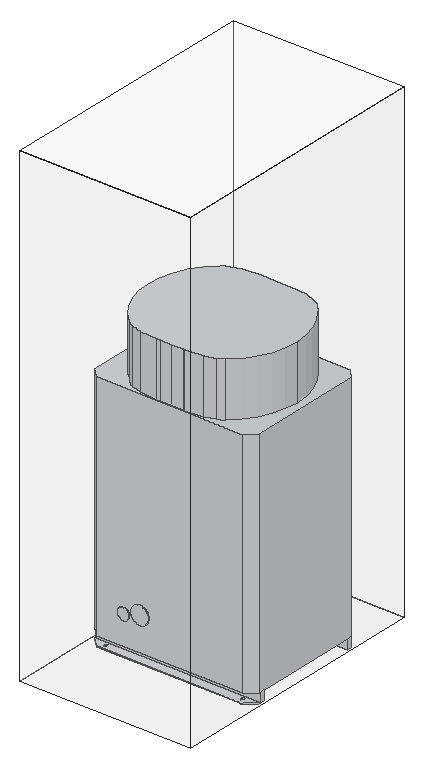
Revit family "室外機（高効率EX50Hz）_MEE修正", category 機械設備, Revit 2019 (continued)
Definition of nested family "筐体モジュール（高効率EX）"
  Lines and regions (mm)
    model lines, visible <- "ユニット234X", not visible, detail levels fine
      curve 238: line (460, -150.779, 818.931) -> (460, -150.779, 1040.048)
      curve 239: line (460, -132.596, 818.931) -> (460, -150.779, 818.931)
      curve 240: line (460, -132.596, 1040.048) -> (460, -132.596, 818.931)
      curve 241: line (460, 178.667, 802.923) -> (460, 297.73, 802.923)
      curve 242: line (460, 178.667, 569.8) -> (460, 178.667, 802.923)
      curve 243: line (460, 297.73, 569.8) -> (460, 178.667, 569.8)
      curve 244: line (460, 297.73, 802.923) -> (460, 297.73, 569.8)
      curve 245: line (460, 47.598, 802.923) -> (460, 166.661, 802.923)
      curve 246: line (460, 47.598, 569.8) -> (460, 47.598, 802.923)
      curve 247: line (460, 166.661, 569.8) -> (460, 47.598, 569.8)
      curve 248: line (460, 166.661, 802.923) -> (460, 166.661, 569.8)
      curve 249: line (460, -83.471, 802.923) -> (460, 35.592, 802.923)
      curve 250: line (460, -83.471, 569.8) -> (460, -83.471, 802.923)
      curve 251: line (460, 35.592, 569.8) -> (460, -83.471, 569.8)
      curve 252: line (460, 35.592, 802.923) -> (460, 35.592, 569.8)
      curve 253: line (460, -150.779, 802.923) -> (460, -95.75, 802.923)
      curve 254: line (460, -150.779, 569.8) -> (460, -150.779, 802.923)
      curve 255: line (460, -95.75, 569.8) -> (460, -150.779, 569.8)
      curve 256: line (460, -95.75, 802.923) -> (460, -95.75, 569.8)
      curve 257: line (460, -150.779, 796.92) -> (460, -132.596, 796.92)
      curve 258: line (460, -150.779, 575.803) -> (460, -150.779, 796.92)
      curve 259: line (460, -132.596, 575.803) -> (460, -150.779, 575.803)
      curve 260: line (460, -132.596, 796.92) -> (460, -132.596, 575.803)
      curve 261: line (460, 178.667, 559.795) -> (460, 297.73, 559.795)
      curve 262: line (460, 178.667, 326.672) -> (460, 178.667, 559.795)
      curve 263: line (460, 297.73, 326.672) -> (460, 178.667, 326.672)
      curve 264: line (460, 297.73, 559.795) -> (460, 297.73, 326.672)
      curve 265: line (460, 47.598, 559.795) -> (460, 166.661, 559.795)
      curve 266: line (460, 47.598, 326.672) -> (460, 47.598, 559.795)
      curve 267: line (460, 166.661, 326.672) -> (460, 47.598, 326.672)
      curve 268: line (460, 166.661, 559.795) -> (460, 166.661, 326.672)
      curve 269: line (460, -83.471, 559.795) -> (460, 35.592, 559.795)
      curve 270: line (460, -83.471, 326.672) -> (460, -83.471, 559.795)
      curve 271: line (460, 35.592, 326.672) -> (460, -83.471, 326.672)
      curve 272: line (460, 35.592, 559.795) -> (460, 35.592, 326.672)
      curve 273: line (460, -150.779, 559.795) -> (460, -95.75, 559.795)
      curve 274: line (460, -150.779, 326.672) -> (460, -150.779, 559.795)
      curve 275: line (460, -95.75, 326.672) -> (460, -150.779, 326.672)
      curve 276: line (460, -95.75, 559.795) -> (460, -95.75, 326.672)
      curve 277: line (460, -150.779, 553.792) -> (460, -132.596, 553.792)
      curve 278: line (460, -150.779, 332.675) -> (460, -150.779, 553.792)
      curve 279: line (460, -132.596, 332.675) -> (460, -150.779, 332.675)
      curve 280: line (460, -132.596, 553.792) -> (460, -132.596, 332.675)
      curve 281: line (460, 178.667, 316.667) -> (460, 297.73, 316.667)
      curve 282: line (460, 178.667, 83.544) -> (460, 178.667, 316.667)
      curve 283: line (460, 297.73, 83.544) -> (460, 178.667, 83.544)
      curve 284: line (460, 297.73, 316.667) -> (460, 297.73, 83.544)
      curve 285: line (460, 47.598, 316.667) -> (460, 166.661, 316.667)
      curve 286: line (460, 47.598, 83.544) -> (460, 47.598, 316.667)
      curve 287: line (460, 166.661, 83.544) -> (460, 47.598, 83.544)
      curve 288: line (460, 166.661, 316.667) -> (460, 166.661, 83.544)
      curve 289: line (460, -83.471, 316.667) -> (460, 35.592, 316.667)
      curve 290: line (460, -83.471, 83.544) -> (460, -83.471, 316.667)
      curve 291: line (460, 35.592, 83.544) -> (460, -83.471, 83.544)
      curve 292: line (460, 35.592, 316.667) -> (460, 35.592, 83.544)
      curve 293: line (460, -150.779, 316.667) -> (460, -95.75, 316.667)
      curve 294: line (460, -150.779, 83.544) -> (460, -150.779, 316.667)
      curve 295: line (460, -95.75, 83.544) -> (460, -150.779, 83.544)
      curve 296: line (460, -95.75, 316.667) -> (460, -95.75, 83.544)
      curve 297: line (460, -150.779, 310.664) -> (460, -132.596, 310.664)
      curve 298: line (460, -150.779, 89.547) -> (460, -150.779, 310.664)
      curve 299: line (460, -132.596, 89.547) -> (460, -150.779, 89.547)
      curve 300: line (460, -132.596, 310.664) -> (460, -132.596, 89.547)
    symbolic lines, visible <- "ユニット234X"
      curve 301: line (-408.343, 370, 0) -> (-460, 318.843, 0)
      curve 302: line (-460, 318.843, 0) -> (-460, -318.843, 0)
      curve 303: line (-460, -318.843, 0) -> (-408.343, -370, 0)
      curve 304: line (-408.343, -370, 0) -> (408.343, -370, 0)
      curve 305: line (408.343, -370, 0) -> (460, -318.843, 0)
      curve 306: line (460, -318.843, 0) -> (460, 318.843, 0)
      curve 307: line (460, 318.843, 0) -> (408.343, 370, 0)
      curve 308: line (408.343, 370, 0) -> (-408.343, 370, 0)
      curve 309: arc (-268.081, 316.106, 0) -> (-376.101, 174.18, 0) -> (-414.476, 0, 0) r 414.476
      curve 310: arc (-414.476, 0, 0) -> (-376.101, -174.18, 0) -> (-268.081, -316.106, 0) r 414.476
      curve 311: arc (-268.081, -316.106, 0) -> (-250.84, -327.278, 0) -> (-232.369, -336.274, 0) r 168.924
      curve 312: arc (-232.369, -336.274, 0) -> (-204.68, -346.28, 0) -> (-176.163, -353.601, 0) r 308.609
      curve 313: arc (-176.163, -353.601, 0) -> (-128.058, -361, 0) -> (-79.445, -363.367, 0) r 468.429
      curve 314: arc (-79.445, -363.367, 0) -> (-71.906, -363.425, 0) -> (-64.372, -363.142, 0) r 167.153
      curve 315: line (-64.372, -363.142, 0) -> (0, -363.142, 0)
      curve 316: line (0, -363.142, 0) -> (64.372, -363.142, 0)
      curve 317: arc (64.372, -363.142, 0) -> (71.906, -363.425, 0) -> (79.445, -363.367, 0) r 167.153
      curve 318: arc (79.445, -363.367, 0) -> (128.058, -361, 0) -> (176.163, -353.601, 0) r 468.429
      curve 319: arc (176.163, -353.601, 0) -> (204.68, -346.28, 0) -> (232.369, -336.274, 0) r 308.609
      curve 320: arc (232.369, -336.274, 0) -> (250.84, -327.278, 0) -> (268.081, -316.106, 0) r 168.924
      curve 321: arc (268.081, -316.106, 0) -> (376.101, -174.18, 0) -> (414.476, 0, 0) r 414.476
      curve 322: arc (414.476, 0, 0) -> (376.101, 174.18, 0) -> (268.082, 316.106, 0) r 414.476
      curve 323: arc (268.082, 316.106, 0) -> (250.84, 327.278, 0) -> (232.369, 336.274, 0) r 168.924
      curve 324: arc (232.369, 336.274, 0) -> (204.68, 346.28, 0) -> (176.163, 353.601, 0) r 308.609
      curve 325: arc (176.163, 353.601, 0) -> (128.058, 361, 0) -> (79.445, 363.367, 0) r 468.429
      curve 326: line (79.445, 363.367, 0) -> (0, 363.367, 0)
      curve 327: line (0, 363.367, 0) -> (-79.445, 363.367, 0)
      curve 328: arc (-79.445, 363.367, 0) -> (-128.058, 361, 0) -> (-176.163, 353.601, 0) r 468.429
      curve 329: arc (-176.163, 353.601, 0) -> (-204.68, 346.28, 0) -> (-232.369, 336.274, 0) r 308.609
      curve 330: arc (-232.369, 336.274, 0) -> (-250.974, 327.516, 0) -> (-268.081, 316.106, 0) r 138.853
  Dimensions and locks
    "Depth": plane 4 to plane 6
    equal spacing: plane 4, plane 1 "中心(正面/背面)", plane 6
    "W": plane 7 to plane 5
    equal spacing: plane 7, plane 3 "中心(左/右)", plane 5
    locked: plane 12 "本体下部" to plane 2 at 54
    plane 4 to plane 10 to plane 11 to plane 15 to plane 14 to plane 13 = 57 mm locked, 20 mm locked, 586 mm locked, 20 mm locked, 57 mm locked
    locked: plane 13 to plane 16 at 29.5
    locked: plane 4 to plane 19 at 29.5
    "冷媒液_Z": plane 20 "電源高さ" to level
    plane 9 to plane 8 = 303 mm
    plane 8 to plane 2 = 1347 mm
    "Height": plane 9 to plane 2
    "冷媒管径_Z": level to plane 24 "冷媒管高さ"
    locked: plane 7 to plane 17 at 80
    locked: plane 18 to plane 5 at 80
    locked: plane 12 "本体下部" to plane 25 "冷媒操作弁ガス芯4" at 1
    plane 19 to plane 10 to plane 11 = 27.5 mm, 20 mm
    plane 8 to level = 1347 mm
    equal spacing: plane 26, plane 3 "中心(左/右)", plane 27
    "Width": plane 26 to plane 27
    "冷媒ガス_X": plane 22 "冷媒操作弁液芯1" to plane 23 "冷媒操作弁ガス芯1"
    "冷媒液_X": plane 26 to plane 22 "冷媒操作弁液芯1"
    plane 16 to plane 14 to plane 15 = 27.5 mm, 20 mm
    "冷媒液_Y": plane 4 to plane 29
    "冷媒ガス_Y": plane 4 to plane 28
    "冷媒管径_X": plane 26 to plane 21
    "冷媒ガス_Z": plane 30 to level
    "冷媒管径_Y": plane 4 to plane 31
    "冷媒ガス管径": diameter of Extrusion 10 sketch curve
    "冷媒液管径": diameter of Extrusion 9 sketch curve
    "冷媒管径": diameter of Extrusion 8 sketch curve
    "冷媒管径": diameter of Extrusion 6 sketch curve
    aligned and locked: plane 5 to Extrusion 1
    aligned and locked: Extrusion 1 to plane 7
    aligned and locked: Extrusion 1 to plane 6
    aligned and locked: plane 4 to Extrusion 1
    aligned and locked: curve 103 to plane 7
    aligned and locked: curve 3 to plane 5
    aligned and locked: plane 11 to Extrusion 2 sketch curve
    aligned and locked: plane 7 to Extrusion 2 sketch curve
    aligned and locked: Extrusion 2 sketch curve to plane 10
    aligned and locked: Extrusion 2 sketch curve to plane 5
    aligned and locked: plane 13 to Extrusion 4
    aligned and locked: Extrusion 4 to plane 14
    aligned and locked: Extrusion 1 to plane 12 "本体下部"
    aligned and locked: plane 12 "本体下部" to Extrusion 1  (x2)
    aligned and locked: plane 8 to Extrusion 1
    aligned and locked: Extrusion 4 sketch curve to Extrusion 1  (x2)
    aligned and locked: plane 4 to Extrusion 5
    aligned and locked: plane 10 to Extrusion 2
    aligned and locked: plane 3 "中心(左/右)" to Extrusion 7 sketch curve
    aligned and locked: plane 12 "本体下部" to Extrusion 8
    aligned and locked: Extrusion 9 to plane 25 "冷媒操作弁ガス芯4"
    aligned and locked: plane 12 "本体下部" to Extrusion 9
    aligned and locked: plane 12 "本体下部" to Extrusion 10
    aligned and locked: Extrusion 9 to Extrusion 10
    aligned and locked: Extrusion 8 to Extrusion 9
    aligned and locked: plane 23 "冷媒操作弁ガス芯1" to Extrusion 10 sketch curve
    aligned and locked: plane 21 to Extrusion 8 sketch curve
    aligned and locked: plane 22 "冷媒操作弁液芯1" to Extrusion 9 sketch curve
    aligned and locked: plane 28 to Extrusion 10 sketch curve
    aligned and locked: plane 29 to Extrusion 9 sketch curve
    aligned and locked: plane 24 "冷媒管高さ" to Extrusion 6 sketch curve
    aligned and locked: plane 21 to Extrusion 6 sketch curve
    aligned and locked: plane 31 to Extrusion 8 sketch curve
    aligned and locked: plane 17 to nested 1
    aligned and locked: nested 1 to plane 18
    aligned and locked: plane 16 to nested 1
    aligned and locked: nested 1 to plane 19
    aligned and locked: Masking region 1 sketch curve to Extrusion 1  (x8)
    aligned and locked: curve 301 to Masking region 1
    aligned and locked: curve 302 to Masking region 1
    aligned and locked: curve 303 to Masking region 1
    aligned and locked: curve 304 to Masking region 1
    aligned and locked: curve 305 to Masking region 1
    aligned and locked: curve 306 to Masking region 1
    aligned and locked: curve 307 to Masking region 1
    aligned and locked: curve 308 to Masking region 1
    aligned and locked: curve 309 to Extrusion 7
    aligned and locked: curve 310 to Extrusion 7
    aligned and locked: curve 311 to Extrusion 7
    aligned and locked: curve 312 to Extrusion 7
    aligned and locked: curve 313 to Extrusion 7
    aligned and locked: curve 314 to Extrusion 7
    aligned and locked: curve 315 to Extrusion 7
    aligned and locked: curve 316 to Extrusion 7
    aligned and locked: curve 317 to Extrusion 7
    aligned and locked: curve 318 to Extrusion 7
    aligned and locked: curve 319 to Extrusion 7
    aligned and locked: curve 320 to Extrusion 7
    aligned and locked: curve 321 to Extrusion 7
    aligned and locked: curve 322 to Extrusion 7
    aligned and locked: curve 323 to Extrusion 7
    aligned and locked: curve 324 to Extrusion 7
    aligned and locked: curve 325 to Extrusion 7
    aligned and locked: curve 326 to Extrusion 7
    aligned and locked: curve 327 to Extrusion 7
    aligned and locked: curve 328 to Extrusion 7
    aligned and locked: curve 329 to Extrusion 7
    aligned and locked: curve 330 to Extrusion 7
  Automatic sketch dimensions
    Extrusion 1 sketch curve to plane 7 = 0 mm
    plane 6 to Extrusion 1 sketch curve = 0 mm
    plane 4 to Extrusion 1 sketch curve = 0 mm
    Extrusion 1 sketch curve to plane 5 = 0 mm
    plane 10 to Extrusion 1 sketch curve = 5.843 mm  (x2)
    plane 14 to Extrusion 1 sketch curve = 5.843 mm  (x2)
    Extrusion 3 sketch curve to plane 7 = 0 mm
    Extrusion 3 sketch curve to plane 5 = 0 mm
    Extrusion 3 sketch curve to plane 14 = 0 mm
    Extrusion 3 sketch curve to plane 15 = 0 mm
    Extrusion 4 sketch curve to plane 7 = 0 mm
    plane 6 to Extrusion 4 sketch curve = 0 mm
    Extrusion 4 sketch curve to plane 17 = 0 mm
    Extrusion 4 sketch curve to plane 18 = 0 mm
    Extrusion 4 sketch curve to plane 5 = 0 mm
    Extrusion 4 sketch curve to plane 14 = 0 mm
    Extrusion 4 sketch curve to plane 16 = 3 mm  (x2)
    plane 17 to Extrusion 4 sketch curve = 7 mm
    Extrusion 4 sketch curve to plane 18 = 7 mm
    plane 16 to Extrusion 4 sketch curve = 3 mm  (x2)
    Extrusion 5 sketch curve to plane 7 = 0 mm
    plane 4 to Extrusion 5 sketch curve = 0 mm
    Extrusion 5 sketch curve to plane 17 = 0 mm
    Extrusion 5 sketch curve to plane 18 = 0 mm
    Extrusion 5 sketch curve to plane 5 = 0 mm
    plane 10 to Extrusion 5 sketch curve = 0 mm
    plane 19 to Extrusion 5 sketch curve = 3 mm  (x2)
    Extrusion 5 sketch curve to plane 17 = 7 mm
    plane 18 to Extrusion 5 sketch curve = 7 mm
    Extrusion 5 sketch curve to plane 19 = 3 mm  (x2)
    plane 10 to Extrusion 5 sketch curve = 5.843 mm  (x2)
    Extrusion 1 sketch curve to plane 17 = 28.343 mm  (x2)
    Extrusion 5 sketch curve to plane 17 = 28.343 mm
    Extrusion 1 sketch curve to plane 18 = 28.343 mm  (x2)
    Extrusion 5 sketch curve to plane 18 = 28.343 mm
    Extrusion 7 sketch curve to Extrusion 7 sketch curve = 0 mm  (x3)
    plane 1 "中心(正面/背面)" to Extrusion 7 sketch curve = 0 mm  (x2)
    Extrusion 7 sketch curve to plane 3 "中心(左/右)" = 0 mm  (x3)
    Extrusion 7 sketch curve to plane 4 = 6.858 mm
    Extrusion 7 sketch curve to plane 3 "中心(左/右)" = 64.372 mm
    Extrusion 7 sketch curve to plane 3 "中心(左/右)" = 74.399 mm
    plane 6 to Extrusion 7 sketch curve = 6.633 mm
    Extrusion 7 sketch curve to plane 3 "中心(左/右)" = 79.445 mm
    Extrusion 7 sketch curve to plane 3 "中心(左/右)" = 80.998 mm  (x2)
    Extrusion 7 sketch curve to Extrusion 7 sketch curve = 64.372 mm
    plane 3 "中心(左/右)" to Extrusion 7 sketch curve = 74.399 mm
    Extrusion 7 sketch curve to Extrusion 7 sketch curve = 79.445 mm
    plane 3 "中心(左/右)" to Extrusion 7 sketch curve = 80.998 mm  (x2)
    Extrusion 7 sketch curve to Extrusion 7 sketch curve = 32.763 mm  (x4)
    Extrusion 7 sketch curve to Extrusion 7 sketch curve = 86.775 mm
    Extrusion 7 sketch curve to Extrusion 7 sketch curve = 93.374 mm  (x2)
    Extrusion 7 sketch curve to Extrusion 7 sketch curve = 91.232 mm  (x2)
    plane 1 "中心(正面/背面)" to Extrusion 7 sketch curve = 51.367 mm  (x2)
    Extrusion 7 sketch curve to plane 1 "中心(正面/背面)" = 51.367 mm  (x2)
    Extrusion 7 sketch curve to Extrusion 7 sketch curve = 53.692 mm  (x2)
    Extrusion 7 sketch curve to Extrusion 7 sketch curve = 75.129 mm
    Extrusion 7 sketch curve to Extrusion 7 sketch curve = 101.551 mm
    Extrusion 7 sketch curve to plane 4 = 6.633 mm  (x2)
    Extrusion 7 sketch curve to plane 19 = 4.226 mm  (x2)
    Extrusion 7 sketch curve to plane 16 = 4.226 mm  (x2)
    plane 14 to Extrusion 7 sketch curve = 3.106 mm
    plane 16 to Extrusion 7 sketch curve = 13.101 mm  (x2)
    plane 19 to Extrusion 7 sketch curve = 13.101 mm  (x2)
    plane 10 to Extrusion 7 sketch curve = 3.106 mm
    Extrusion 7 sketch curve to Extrusion 7 sketch curve = 101.697 mm
    Extrusion 7 sketch curve to Extrusion 7 sketch curve = 16.103 mm  (x2)
    Extrusion 7 sketch curve to plane 11 = 96.709 mm
    curve 326 to plane 3 "中心(左/右)" = 0 mm
    curve 315 to plane 3 "中心(左/右)" = 0 mm
  Nested families
    nested 1: "固定点" at (-380, -340.5, 0), visible <- "ユニット234X", type "固定点", detail levels fine
      with W 760 mm, D 681 mm
  Definition of nested family "固定点"
    Parameters (values of type "固定点")
      中心円 = 20 mm
      W [instance] = 1000 mm
      D [instance] = 1000 mm
    Reference planes
      plane 1 "中心(正面/背面)": y = 0
      plane 2: z = 0
      plane 3 "中心(左/右)": x = 0
      plane 4: x = 1000
      plane 5: y = 1000
    Lines and regions (mm)
      symbolic lines, detail levels fine
        curve 1: circle (0, 1000, 0) r 10 normal (0, 0, 1)
        curve 2: circle (0, 0, 0) r 10 normal (0, 0, 1)
        curve 3: circle (1000, 1000, 0) r 10 normal (0, 0, 1)
        curve 4: circle (1000, 0, 0) r 10 normal (0, 0, 1)
        curve 5: line (-200, 1000, 0) -> (1200, 1000, 0)
        curve 6: line (-200, 0, 0) -> (1200, 0, 0)
        curve 7: line (0, 1200, 0) -> (0, -200, 0)
        curve 8: line (1000, 1200, 0) -> (1000, -200, 0)
    Dimensions and locks
      "W": plane 3 "中心(左/右)" to plane 4
      "D": plane 1 "中心(正面/背面)" to plane 5
      "中心円": diameter of curve 1
      "中心円": diameter of curve 2
      "中心円": diameter of curve 3
      "中心円": diameter of curve 4
      aligned and locked: level to plane 2
      aligned and locked: plane 5 to curve 1
      aligned and locked: plane 3 "中心(左/右)" to curve 1
      aligned and locked: plane 3 "中心(左/右)" to curve 2
      aligned and locked: plane 1 "中心(正面/背面)" to curve 2
      aligned and locked: plane 4 to curve 3
      aligned and locked: plane 5 to curve 3
      aligned and locked: plane 1 "中心(正面/背面)" to curve 4
      aligned and locked: plane 4 to curve 4
      aligned and locked: plane 1 "中心(正面/背面)" to curve 6
      aligned and locked: curve 7 to plane 3 "中心(左/右)"
      aligned and locked: curve 8 to plane 4
    Automatic sketch dimensions
      curve 5 to plane 5 = 0 mm
      curve 6 to plane 3 "中心(左/右)" = 200 mm
      curve 5 to plane 3 "中心(左/右)" = 200 mm
      curve 4 to curve 6 = 200 mm
      curve 3 to curve 5 = 200 mm
      plane 1 "中心(正面/背面)" to curve 8 = 200 mm
      plane 1 "中心(正面/背面)" to curve 7 = 200 mm
      curve 3 to curve 8 = 200 mm
      curve 1 to curve 7 = 200 mm
Types (49, lengths in mm): name | 風量（m3／min） | 風量 | 音響パワーレベル(dB) | 電源位置2X（ユニット3） | 電源位置2X（ユニット2） | 電源位置2X（ユニット1） | 電源位置1X（ユニット3） | 電源位置1X（ユニット2） | 電源位置1X（ユニット1） | 電動機出力_送風機 | 電動機出力_圧縮機 | 質量 | 製品質量 | 消費電力_暖房 | 消費電力_冷房 | 消費電力 | 最小電線太さ_mm2 | 暖房能力 | 推奨ブレーカー容量 | 冷房能力 | 冷媒管（液）位置2 (ユニット3) | 冷媒管（液）位置2 (ユニット2) | 冷媒管（液）位置1 (ユニット3） | 冷媒管（ガス）位置2 (ユニット3) | 冷媒管（ガス）位置2 (ユニット2) | 冷媒管（液）位置1 (ユニット1) | 冷媒管（液）位置2 (ユニット1) | 冷媒管（ガス）位置2 (ユニット1) | 冷媒管（液）位置1 (ユニット2） | 冷媒管径符号 | 冷媒管位置3 (ユニット3) | 冷媒管位置3 (ユニット2) | 冷媒管位置3 (ユニット1) | 冷媒管位置2 (ユニット3) | 冷媒管位置2 (ユニット2) | 冷媒管位置1 (ユニット2) | 冷媒管位置2 (ユニット1) | 冷媒管位置1 (ユニット3) | 冷媒管位置1 (ユニット1) | 冷媒液管径3 | 冷媒液管径2 | 冷媒液管径 | 冷媒ガス管径3 | 冷媒ガス管径2 | 冷媒ガス管径 | ユニット隙間 | ユニット数 | ユニットタイプ3 | ユニットタイプ2 | ユニットタイプ1 | ユニット3 | ユニット2 | モデル | サービススペース_タイプA | アンカーボルト位置X（ユニット3） | アンカーボルト位置X（ユニット2） | アンカーボルト位置X（ユニット1） | Width3 | Width2 | Width1 | Width | URL | MAX風量 | Clearance Right | Clearance Left | Clearance Back | APF
  (no name) | 165 | 9900.0 m³/h | 76 | 177 | 177 | 177 | 201 | 201 | 201 | 0.35 kW | 3.77 kW | 202.80 kg | 169.00 kg | 4.76 kW | 3.6 kW | 4.76 kW | 5.5 | 16 kW | 30 A | 14 kW | 147 | 147 | 251 | 137 | 137 | 251 | 147 | 137 | 251 | "Bd" | 242 | 242 | 242 | 142 | 142 | 292.5 | 142 | 292.5 | 292.5 | 9.52 | 9.52 | 9.52 | 15.88 | 15.88 | 15.88 | 30 | 1 | 筐体モジュール（高効率EX） : 140筐体 | 筐体モジュール（高効率EX） : 140筐体 | 筐体モジュール（高効率EX） : 140筐体 | no | no | "PUHY-EP140DMG7" | yes | 760 | 760 | 760 | 920 | 920 | 920 | 920 | "https://www.mitsubishielectric.co.jp/ldg/wink/ssl/displayProduct.do?pid=307677" | 9900.0 m³/h | 15 | 15 | 300 | 5.7
  PUHY-EP140DMG7_タイプA | 165 | 9900.0 m³/h | 76 | 177 | 177 | 177 | 201 | 201 | 201 | 0.35 kW | 3.77 kW | 202.80 kg | 169.00 kg | 4.76 kW | 3.6 kW | 4.76 kW | 5.5 | 16 kW | 30 A | 14 kW | 147 | 147 | 251 | 137 | 137 | 251 | 147 | 137 | 251 | "Bd" | 242 | 242 | 242 | 142 | 142 | 292.5 | 142 | 292.5 | 292.5 | 9.52 | 9.52 | 9.52 | 15.88 | 15.88 | 15.88 | 30 | 1 | 筐体モジュール（高効率EX） : 140筐体 | 筐体モジュール（高効率EX） : 140筐体 | 筐体モジュール（高効率EX） : 140筐体 | no | no | "PUHY-EP140DMG7" | yes | 760 | 760 | 760 | 920 | 920 | 920 | 920 | "https://www.mitsubishielectric.co.jp/ldg/wink/ssl/displayProduct.do?pid=307677" | 9900.0 m³/h | 15 | 15 | 300 | 5.7
  PUHY-EP160DMG7_タイプA | 165 | 9900.0 m³/h | 76.5 | 177 | 177 | 177 | 201 | 201 | 201 | 0.35 kW | 3.46 kW | 202.80 kg | 169.00 kg | 4.4 kW | 3.9 kW | 4.4 kW | 5.5 | 18 kW | 30 A | 16 kW | 147 | 147 | 251 | 137 | 137 | 251 | 147 | 137 | 251 | "Be" | 242 | 242 | 242 | 142 | 142 | 292.5 | 142 | 292.5 | 292.5 | 9.52 | 9.52 | 9.52 | 19.05 | 19.05 | 19.05 | 30 | 1 | 筐体モジュール（高効率EX） : 160筐体 | 筐体モジュール（高効率EX） : 160筐体 | 筐体モジュール（高効率EX） : 160筐体 | no | no | "PUHY-EP160DMG7" | yes | 760 | 760 | 760 | 920 | 920 | 920 | 920 | "https://www.mitsubishielectric.co.jp/ldg/wink/ssl/displayProduct.do?pid=307679" | 9900.0 m³/h | 15 | 15 | 300 | 6
  PUHY-EP224DMG7_タイプA | 165 | 9900.0 m³/h | 76.5 | 177 | 177 | 177 | 201 | 201 | 201 | 0.35 kW | 5.14 kW | 222.00 kg | 185.00 kg | 6.26 kW | 6.34 kW | 6.34 kW | 8 | 25 kW | 40 A | 22.4 kW | 147 | 147 | 251 | 145 | 145 | 251 | 147 | 145 | 251 | "Be" | 197 | 197 | 197 | 146 | 146 | 292.5 | 146 | 292.5 | 292.5 | 9.52 | 9.52 | 9.52 | 19.05 | 19.05 | 19.05 | 30 | 1 | 筐体モジュール（高効率EX） : 224筐体 | 筐体モジュール（高効率EX） : 224筐体 | 筐体モジュール（高効率EX） : 224筐体 | no | no | "PUHY-EP224DMG7" | yes | 760 | 760 | 760 | 920 | 920 | 920 | 920 | "https://www.mitsubishielectric.co.jp/ldg/wink/ssl/displayProduct.do?pid=307682" | 9900.0 m³/h | 15 | 15 | 300 | 6
  PUHY-EP280DMG7_タイプA | 185 | 11100.0 m³/h | 80.5 | 177 | 177 | 177 | 201 | 201 | 201 | 0.46 kW | 7.33 kW | 222.00 kg | 185.00 kg | 8.36 kW | 9.16 kW | 9.16 kW | 14 | 31.5 kW | 50 A | 28 kW | 147 | 147 | 251 | 145 | 145 | 251 | 147 | 145 | 251 | "Bf" | 197 | 197 | 197 | 146 | 146 | 292.5 | 146 | 292.5 | 292.5 | 9.52 | 9.52 | 9.52 | 22.20 | 22.20 | 22.20 | 30 | 1 | 筐体モジュール（高効率EX） : 280筐体 | 筐体モジュール（高効率EX） : 280筐体 | 筐体モジュール（高効率EX） : 280筐体 | no | no | "PUHY-EP280DMG7" | yes | 760 | 760 | 760 | 920 | 920 | 920 | 920 | "https://www.mitsubishielectric.co.jp/ldg/wink/ssl/displayProduct.do?pid=307515" | 11100.0 m³/h | 15 | 15 | 300 | 5.7
  PUHY-EP335DMG7_タイプA | 210 | 12600.0 m³/h | 82.5 | 227 | 227 | 227 | 251 | 251 | 251 | 0.46 kW | 7.77 kW | 267.60 kg | 223.00 kg | 9.39 kW | 9.51 kW | 9.51 kW | 22 | 37.5 kW | 60 A | 33.5 kW | 143 | 143 | 301 | 145 | 145 | 301 | 143 | 145 | 301 | "Bf" | 197.5 | 197.5 | 197.5 | 144 | 144 | 342.5 | 144 | 342.5 | 342.5 | 9.52 | 9.52 | 9.52 | 22.20 | 22.20 | 22.20 | 30 | 1 | 筐体モジュール（高効率EX） : 335筐体 | 筐体モジュール（高効率EX） : 335筐体 | 筐体モジュール（高効率EX） : 335筐体 | no | no | "PUHY-EP335DMG7" | yes | 1060 | 1060 | 1060 | 1220 | 1220 | 1220 | 1220 | "https://www.mitsubishielectric.co.jp/ldg/wink/ssl/displayProduct.do?pid=307687" | 12600.0 m³/h | 15 | 15 | 300 | 6.2
  PUHY-EP400DMG7_タイプA | 360 | 21600.0 m³/h | 83 | 516 | 516 | 516 | 541 | 541 | 541 | 0.92 kW | 9.84 kW | 339.60 kg | 283.00 kg | 12.3 kW | 12.1 kW | 12.3 kW | 22 | 45 kW | 60 A | 40 kW | 143 | 143 | 590 | 145 | 145 | 590 | 143 | 145 | 590 | "Cg" | 197.5 | 197.5 | 197.5 | 144 | 144 | 631.5 | 144 | 631.5 | 631.5 | 12.70 | 12.70 | 12.70 | 25.40 | 25.40 | 25.40 | 30 | 1 | 筐体モジュール.（高効率EX） : 400筐体 | 筐体モジュール.（高効率EX） : 400筐体 | 筐体モジュール.（高効率EX） : 400筐体 | no | no | "PUHY-EP400DMG7" | yes | 795 | 795 | 795 | 1750 | 1750 | 1750 | 1750 | "https://www.mitsubishielectric.co.jp/ldg/wink/ssl/displayProduct.do?pid=307689" | 21600.0 m³/h | 15 | 15 | 300 | 6.3
  PUHY-EP450DMG7_タイプA | 360 | 21600.0 m³/h | 83 | 516 | 516 | 516 | 541 | 541 | 541 | 0.92 kW | 12.6 kW | 339.60 kg | 283.00 kg | 13.5 kW | 15.6 kW | 15.6 kW | 22 | 50 kW | 75 A | 45 kW | 144 | 144 | 590 | 145 | 145 | 590 | 144 | 145 | 590 | "Ch" | 205 | 205 | 205 | 144.5 | 144.5 | 631.5 | 144.5 | 631.5 | 631.5 | 12.70 | 12.70 | 12.70 | 28.58 | 28.58 | 28.58 | 30 | 1 | 筐体モジュール.（高効率EX） : 450筐体 | 筐体モジュール.（高効率EX） : 450筐体 | 筐体モジュール.（高効率EX） : 450筐体 | no | no | "PUHY-EP450DMG7" | yes | 795 | 795 | 795 | 1750 | 1750 | 1750 | 1750 | "https://www.mitsubishielectric.co.jp/ldg/wink/ssl/displayProduct.do?pid=307692" | 21600.0 m³/h | 15 | 15 | 300 | 6.4
  PUHY-EP500DMG7_タイプA | 350 | 21000.0 m³/h | 82 | 177 | 177 | 177 | 201 | 201 | 201 | 0.81 kW | 12.47 kW | 444.00 kg | 370.00 kg | 14.4 kW | 15.1 kW | 15.1 kW | 38 | 56 kW | 75 A | 50 kW | 147 | 147 | 251 | 145 | 145 | 251 | 147 | 145 | 251 | "Dh" | 197 | 197 | 197 | 146 | 146 | 292.5 | 146 | 292.5 | 292.5 | 9.52 | 9.52 | 9.52 | 22.20 | 22.20 | 22.20 | 30 | 2 | 筐体モジュール（高効率EX） : 224筐体 | 筐体モジュール（高効率EX） : 224筐体 | 筐体モジュール（高効率EX） : 280筐体 | no | yes | "PUHY-EP500DMG7" | yes | 760 | 760 | 760 | 920 | 920 | 920 | 1870 | "https://www.mitsubishielectric.co.jp/ldg/wink/ssl/displayProduct.do?pid=307697" | 21000.0 m³/h | 15 | 15 | 300 | 5.8
  PUHY-EP560DMG7_タイプA | 370 | 22200.0 m³/h | 83.5 | 177 | 177 | 177 | 201 | 201 | 201 | 0.92 kW | 14.66 kW | 444.00 kg | 370.00 kg | 16.2 kW | 17.7 kW | 17.7 kW | 38 | 63 kW | 100 A | 56 kW | 147 | 147 | 251 | 145 | 145 | 251 | 147 | 145 | 251 | "Dh" | 197 | 197 | 197 | 146 | 146 | 292.5 | 146 | 292.5 | 292.5 | 9.52 | 9.52 | 9.52 | 22.20 | 22.20 | 22.20 | 30 | 2 | 筐体モジュール（高効率EX） : 280筐体 | 筐体モジュール（高効率EX） : 280筐体 | 筐体モジュール（高効率EX） : 280筐体 | no | yes | "PUHY-EP560DMG7" | yes | 760 | 760 | 760 | 920 | 920 | 920 | 1870 | "https://www.mitsubishielectric.co.jp/ldg/wink/ssl/displayProduct.do?pid=307700" | 22200.0 m³/h | 15 | 15 | 300 | 5.7
  PUHY-EP630DMG7_タイプA | 395 | 23700.0 m³/h | 85 | 177 | 177 | 227 | 201 | 201 | 251 | 0.92 kW | 15.1 kW | 489.60 kg | 408.00 kg | 17.6 kW | 19 kW | 19 kW | 38 | 69 kW | 100 A | 63 kW | 147 | 147 | 251 | 145 | 145 | 301 | 143 | 145 | 251 | "Dh" | 197 | 197 | 197.5 | 146 | 146 | 292.5 | 144 | 292.5 | 342.5 | 9.52 | 9.52 | 12.70 | 22.20 | 22.20 | 25.40 | 30 | 2 | 筐体モジュール（高効率EX） : 280筐体 | 筐体モジュール（高効率EX） : 280筐体 | 筐体モジュール（高効率EX） : 335筐体 | no | yes | "PUHY-EP630DMG7" | yes | 760 | 760 | 1060 | 920 | 920 | 1220 | 2170 | "https://www.mitsubishielectric.co.jp/ldg/wink/ssl/displayProduct.do?pid=307703" | 23700.0 m³/h | 15 | 15 | 300 | 5.9
  PUHY-EP670DMG7_タイプA | 420 | 25200.0 m³/h | 85.5 | 227 | 227 | 227 | 251 | 251 | 251 | 0.92 kW | 15.54 kW | 535.20 kg | 446.00 kg | 19.6 kW | 19.4 kW | 19.6 kW | 60 | 77.5 kW | 100 A | 67 kW | 143 | 143 | 301 | 145 | 145 | 301 | 143 | 145 | 301 | "Dh" | 197.5 | 197.5 | 197.5 | 144 | 144 | 342.5 | 144 | 342.5 | 342.5 | 12.70 | 12.70 | 12.70 | 25.40 | 25.40 | 25.40 | 30 | 2 | 筐体モジュール（高効率EX） : 335筐体 | 筐体モジュール（高効率EX） : 335筐体 | 筐体モジュール（高効率EX） : 335筐体 | no | yes | "PUHY-EP670DMG7" | yes | 1060 | 1060 | 1060 | 1220 | 1220 | 1220 | 2470 | "https://www.mitsubishielectric.co.jp/ldg/wink/ssl/displayProduct.do?pid=307706" | 25200.0 m³/h | 15 | 15 | 300 | 6.2
  PUHY-EP730DMG7_タイプA | 570 | 34200.0 m³/h | 86 | 227 | 227 | 516 | 251 | 251 | 541 | 1.38 kW | 17.61 kW | 607.20 kg | 506.00 kg | 22.3 kW | 22.2 kW | 22.3 kW | 60 | 82.5 kW | 100 A | 73 kW | 143 | 143 | 301 | 145 | 145 | 590 | 143 | 145 | 301 | "Dh" | 197.5 | 197.5 | 197.5 | 144 | 144 | 342.5 | 144 | 342.5 | 631.5 | 12.70 | 12.70 | 12.70 | 25.40 | 25.40 | 25.40 | 30 | 2 | 筐体モジュール（高効率EX） : 335筐体 | 筐体モジュール（高効率EX） : 335筐体 | 筐体モジュール.（高効率EX） : 400筐体 | no | yes | "PUHY-EP730DMG7" | yes | 1060 | 1060 | 795 | 1220 | 1220 | 1750 | 3000 | "https://www.mitsubishielectric.co.jp/ldg/wink/ssl/displayProduct.do?pid=307709" | 34200.0 m³/h | 15 | 15 | 300 | 6.2
  PUHY-EP775DMG7_タイプA | 720 | 43200.0 m³/h | 86 | 516 | 516 | 516 | 541 | 541 | 541 | 1.84 kW | 19.68 kW | 679.20 kg | 566.00 kg | 25.6 kW | 24.5 kW | 25.6 kW | 60 | 90 kW | 125 A | 77.5 kW | 143 | 143 | 590 | 145 | 145 | 590 | 143 | 145 | 590 | "Ei" | 197.5 | 197.5 | 197.5 | 144 | 144 | 631.5 | 144 | 631.5 | 631.5 | 12.70 | 12.70 | 12.70 | 25.40 | 25.40 | 25.40 | 30 | 2 | 筐体モジュール.（高効率EX） : 400筐体 | 筐体モジュール.（高効率EX） : 400筐体 | 筐体モジュール.（高効率EX） : 400筐体 | no | yes | "PUHY-EP775DMG7" | yes | 795 | 795 | 795 | 1750 | 1750 | 1750 | 3530 | "https://www.mitsubishielectric.co.jp/ldg/wink/ssl/displayProduct.do?pid=307711" | 43200.0 m³/h | 15 | 15 | 300 | 6.3
  PUHY-EP850DMG7_タイプA | 720 | 43200.0 m³/h | 86 | 516 | 516 | 516 | 541 | 541 | 541 | 1.84 kW | 22.44 kW | 679.20 kg | 566.00 kg | 26.8 kW | 28.6 kW | 28.6 kW | 60 | 95 kW | 125 A | 85 kW | 143 | 143 | 590 | 145 | 145 | 590 | 144 | 145 | 590 | "Ei" | 197.5 | 197.5 | 205 | 144 | 144 | 631.5 | 144.5 | 631.5 | 631.5 | 12.70 | 12.70 | 15.88 | 25.40 | 25.40 | 28.58 | 30 | 2 | 筐体モジュール.（高効率EX） : 400筐体 | 筐体モジュール.（高効率EX） : 400筐体 | 筐体モジュール.（高効率EX） : 450筐体 | no | yes | "PUHY-EP850DMG7" | yes | 795 | 795 | 795 | 1750 | 1750 | 1750 | 3530 | "https://www.mitsubishielectric.co.jp/ldg/wink/ssl/displayProduct.do?pid=307604" | 43200.0 m³/h | 15 | 15 | 300 | 6.3
  PUHY-EP900DMG7_タイプA | 720 | 43200.0 m³/h | 86 | 516 | 516 | 516 | 541 | 541 | 541 | 1.84 kW | 25.2 kW | 679.20 kg | 566.00 kg | 27.1 kW | 32.4 kW | 32.4 kW | 100 | 100 kW | 125 A | 90 kW | 144 | 144 | 590 | 145 | 145 | 590 | 144 | 145 | 590 | "Ei" | 205 | 205 | 205 | 144.5 | 144.5 | 631.5 | 144.5 | 631.5 | 631.5 | 15.88 | 15.88 | 15.88 | 28.58 | 28.58 | 28.58 | 30 | 2 | 筐体モジュール.（高効率EX） : 450筐体 | 筐体モジュール.（高効率EX） : 450筐体 | 筐体モジュール.（高効率EX） : 450筐体 | no | yes | "PUHY-EP900DMG7" | yes | 795 | 795 | 795 | 1750 | 1750 | 1750 | 3530 | "https://www.mitsubishielectric.co.jp/ldg/wink/ssl/displayProduct.do?pid=307716" | 43200.0 m³/h | 15 | 15 | 300 | 6.4
  PUHY-EP950DMG7_タイプA | 720 | 43200.0 m³/h | 87.5 | 516 | 516 | 516 | 541 | 541 | 541 | 1.84 kW | 27.8 kW | 686.40 kg | 572.00 kg | 29.1 kW | 34.4 kW | 34.4 kW | 100 | 106 kW | 150 A | 95 kW | 144 | 144 | 590 | 145 | 145 | 590 | 144 | 145 | 590 | "Ek" | 205 | 205 | 205 | 144.5 | 144.5 | 631.5 | 144.5 | 631.5 | 631.5 | 15.88 | 15.88 | 15.88 | 28.58 | 28.58 | 28.58 | 30 | 2 | 筐体モジュール.（高効率EX） : 450筐体 | 筐体モジュール.（高効率EX） : 450筐体 | 筐体モジュール.（高効率EX） : 500筐体 | no | yes | "PUHY-EP950DMG7" | yes | 795 | 795 | 795 | 1750 | 1750 | 1750 | 3530 | "https://www.mitsubishielectric.co.jp/ldg/wink/ssl/displayProduct.do?pid=307718" | 43200.0 m³/h | 15 | 15 | 300 | 5.6
  PUHY-EP1000DMG7_タイプA | 720 | 43200.0 m³/h | 88.5 | 516 | 516 | 516 | 541 | 541 | 541 | 1.84 kW | 30.4 kW | 693.60 kg | 578.00 kg | 30.2 kW | 36.6 kW | 36.6 kW | 100 | 112 kW | 150 A | 100 kW | 144 | 144 | 590 | 145 | 145 | 590 | 144 | 145 | 590 | "Ek" | 205 | 205 | 205 | 144.5 | 144.5 | 631.5 | 144.5 | 631.5 | 631.5 | 15.88 | 15.88 | 15.88 | 28.58 | 28.58 | 28.58 | 30 | 2 | 筐体モジュール.（高効率EX） : 500筐体 | 筐体モジュール.（高効率EX） : 500筐体 | 筐体モジュール.（高効率EX） : 500筐体 | no | yes | "PUHY-EP1000DMG7" | yes | 795 | 795 | 795 | 1750 | 1750 | 1750 | 3530 | "https://www.mitsubishielectric.co.jp/ldg/wink/ssl/displayProduct.do?pid=307606" | 43200.0 m³/h | 15 | 15 | 300 | 5.1
  PUHY-EP1060DMG7_タイプA | 780 | 46800.0 m³/h | 87.5 | 227 | 227 | 516 | 251 | 251 | 541 | 1.84 kW | 25.38 kW | 874.80 kg | 729.00 kg | 31.2 kW | 34.7 kW | 34.7 kW | 100 | 118 kW | 150 A | 106 kW | 143 | 143 | 301 | 145 | 145 | 590 | 143 | 145 | 301 | "Ek" | 197.5 | 197.5 | 197.5 | 144 | 144 | 342.5 | 144 | 342.5 | 631.5 | 12.70 | 12.70 | 12.70 | 25.40 | 25.40 | 25.40 | 30 | 3 | 筐体モジュール（高効率EX） : 335筐体 | 筐体モジュール（高効率EX） : 335筐体 | 筐体モジュール.（高効率EX） : 400筐体 | yes | yes | "PUHY-EP1060DMG7" | yes | 1060 | 1060 | 795 | 1220 | 1220 | 1750 | 4250 | "https://www.mitsubishielectric.co.jp/ldg/wink/ssl/displayProduct.do?pid=307723" | 46800.0 m³/h | 15 | 15 | 300 | 6.1
  PUHY-EP1120DMG7_タイプA | 780 | 46800.0 m³/h | 87.5 | 227 | 227 | 516 | 251 | 251 | 541 | 1.84 kW | 28.14 kW | 874.80 kg | 729.00 kg | 32.8 kW | 35 kW | 35 kW | 100 | 125 kW | 150 A | 112 kW | 143 | 143 | 301 | 145 | 145 | 590 | 144 | 145 | 301 | "Ek" | 197.5 | 197.5 | 205 | 144 | 144 | 342.5 | 144.5 | 342.5 | 631.5 | 12.70 | 12.70 | 15.88 | 25.40 | 25.40 | 28.58 | 30 | 3 | 筐体モジュール（高効率EX） : 335筐体 | 筐体モジュール（高効率EX） : 335筐体 | 筐体モジュール.（高効率EX） : 450筐体 | yes | yes | "PUHY-EP1120DMG7" | yes | 1060 | 1060 | 795 | 1220 | 1220 | 1750 | 4250 | "https://www.mitsubishielectric.co.jp/ldg/wink/ssl/displayProduct.do?pid=307725" | 46800.0 m³/h | 15 | 15 | 300 | 6.3
  PUHY-EP1180DMG7_タイプA | 930 | 55800.0 m³/h | 88 | 227 | 516 | 516 | 251 | 541 | 541 | 2.3 kW | 30.21 kW | 946.80 kg | 789.00 kg | 36.1 kW | 37.9 kW | 37.9 kW | 100 | 132 kW | 175 A | 118 kW | 143 | 143 | 301 | 145 | 145 | 590 | 144 | 145 | 590 | "Ek" | 197.5 | 197.5 | 205 | 144 | 144 | 631.5 | 144.5 | 342.5 | 631.5 | 12.70 | 12.70 | 15.88 | 25.40 | 25.40 | 28.58 | 30 | 3 | 筐体モジュール（高効率EX） : 335筐体 | 筐体モジュール.（高効率EX） : 400筐体 | 筐体モジュール.（高効率EX） : 450筐体 | yes | yes | "PUHY-EP1180DMG7" | yes | 1060 | 795 | 795 | 1220 | 1750 | 1750 | 4780 | "https://www.mitsubishielectric.co.jp/ldg/wink/ssl/displayProduct.do?pid=307608" | 55800.0 m³/h | 15 | 15 | 300 | 6.3
  PUHY-EP1220DMG7_タイプA | 1080 | 64800.0 m³/h | 88 | 516 | 516 | 516 | 541 | 541 | 541 | 2.76 kW | 32.28 kW | 1018.80 kg | 849.00 kg | 39.1 kW | 40.1 kW | 40.1 kW | 150 | 140 kW | 175 A | 122 kW | 143 | 143 | 590 | 145 | 145 | 590 | 144 | 145 | 590 | "Ek" | 197.5 | 197.5 | 205 | 144 | 144 | 631.5 | 144.5 | 631.5 | 631.5 | 12.70 | 12.70 | 15.88 | 25.40 | 25.40 | 28.58 | 30 | 3 | 筐体モジュール.（高効率EX） : 400筐体 | 筐体モジュール.（高効率EX） : 400筐体 | 筐体モジュール.（高効率EX） : 450筐体 | yes | yes | "PUHY-EP1220DMG7" | yes | 795 | 795 | 795 | 1750 | 1750 | 1750 | 5310 | "https://www.mitsubishielectric.co.jp/ldg/wink/ssl/displayProduct.do?pid=307730" | 64800.0 m³/h | 15 | 15 | 300 | 6.3
  PUHY-EP1280DMG7_タイプA | 1080 | 64800.0 m³/h | 88 | 516 | 516 | 516 | 541 | 541 | 541 | 2.76 kW | 35.04 kW | 1018.80 kg | 849.00 kg | 40.4 kW | 44 kW | 44 kW | 150 | 145 kW | 175 A | 128 kW | 143 | 144 | 590 | 145 | 145 | 590 | 144 | 145 | 590 | "Ek" | 197.5 | 205 | 205 | 144 | 144.5 | 631.5 | 144.5 | 631.5 | 631.5 | 12.70 | 15.88 | 15.88 | 25.40 | 28.58 | 28.58 | 30 | 3 | 筐体モジュール.（高効率EX） : 400筐体 | 筐体モジュール.（高効率EX） : 450筐体 | 筐体モジュール.（高効率EX） : 450筐体 | yes | yes | "PUHY-EP1280DMG7" | yes | 795 | 795 | 795 | 1750 | 1750 | 1750 | 5310 | "https://www.mitsubishielectric.co.jp/ldg/wink/ssl/displayProduct.do?pid=307732" | 64800.0 m³/h | 15 | 15 | 300 | 6.3
  PUHY-EP1360DMG7_タイプA | 1080 | 64800.0 m³/h | 88 | 516 | 516 | 516 | 541 | 541 | 541 | 2.76 kW | 37.8 kW | 1018.80 kg | 849.00 kg | 41.2 kW | 49 kW | 49 kW | 150 | 150 kW | 175 A | 136 kW | 144 | 144 | 590 | 145 | 145 | 590 | 144 | 145 | 590 | "Ek" | 205 | 205 | 205 | 144.5 | 144.5 | 631.5 | 144.5 | 631.5 | 631.5 | 15.88 | 15.88 | 15.88 | 28.58 | 28.58 | 28.58 | 30 | 3 | 筐体モジュール.（高効率EX） : 450筐体 | 筐体モジュール.（高効率EX） : 450筐体 | 筐体モジュール.（高効率EX） : 450筐体 | yes | yes | "PUHY-EP1360DMG7" | yes | 795 | 795 | 795 | 1750 | 1750 | 1750 | 5310 | "https://www.mitsubishielectric.co.jp/ldg/wink/ssl/displayProduct.do?pid=307735" | 64800.0 m³/h | 15 | 15 | 300 | 6.4
  PUHY-EP1400DMG7_タイプA | 1080 | 64800.0 m³/h | 89 | 516 | 516 | 516 | 541 | 541 | 541 | 2.76 kW | 40.4 kW | 1026.00 kg | 855.00 kg | 42.8 kW | 51.3 kW | 51.3 kW | 150 | 155 kW | 175 A | 140 kW | 144 | 144 | 590 | 145 | 145 | 590 | 144 | 145 | 590 | "Ek" | 205 | 205 | 205 | 144.5 | 144.5 | 631.5 | 144.5 | 631.5 | 631.5 | 15.88 | 15.88 | 15.88 | 28.58 | 28.58 | 28.58 | 30 | 3 | 筐体モジュール.（高効率EX） : 450筐体 | 筐体モジュール.（高効率EX） : 450筐体 | 筐体モジュール.（高効率EX） : 500筐体 | yes | yes | "PUHY-EP1400DMG7" | yes | 795 | 795 | 795 | 1750 | 1750 | 1750 | 5310 | "https://www.mitsubishielectric.co.jp/ldg/wink/ssl/displayProduct.do?pid=307738" | 64800.0 m³/h | 15 | 15 | 300 | 5.8
  PUHY-EP1000DMG7_タイプB | 720 | 43200.0 m³/h | 88.5 | 516 | 516 | 516 | 541 | 541 | 541 | 1.84 kW | 30.4 kW | 693.60 kg | 578.00 kg | 30.2 kW | 36.6 kW | 36.6 kW | 100 | 112 kW | 150 A | 100 kW | 144 | 144 | 590 | 145 | 145 | 590 | 144 | 145 | 590 | "Ek" | 205 | 205 | 205 | 144.5 | 144.5 | 631.5 | 144.5 | 631.5 | 631.5 | 15.88 | 15.88 | 15.88 | 28.58 | 28.58 | 28.58 | 100 | 2 | 筐体モジュール.（高効率EX） : 500筐体 | 筐体モジュール.（高効率EX） : 500筐体 | 筐体モジュール.（高効率EX） : 500筐体 | no | yes | "PUHY-EP1000DMG7" | no | 795 | 795 | 795 | 1750 | 1750 | 1750 | 3600 | "https://www.mitsubishielectric.co.jp/ldg/wink/ssl/displayProduct.do?pid=307606" | 43200.0 m³/h | 50 | 50 | 100 | 5.1
  PUHY-EP1060DMG7_タイプB | 780 | 46800.0 m³/h | 87.5 | 227 | 227 | 516 | 251 | 251 | 541 | 1.84 kW | 25.38 kW | 874.80 kg | 729.00 kg | 31.2 kW | 34.7 kW | 34.7 kW | 100 | 118 kW | 150 A | 106 kW | 143 | 143 | 301 | 145 | 145 | 590 | 143 | 145 | 301 | "Ek" | 197.5 | 197.5 | 197.5 | 144 | 144 | 342.5 | 144 | 342.5 | 631.5 | 12.70 | 12.70 | 12.70 | 25.40 | 25.40 | 25.40 | 100 | 3 | 筐体モジュール（高効率EX） : 335筐体 | 筐体モジュール（高効率EX） : 335筐体 | 筐体モジュール.（高効率EX） : 400筐体 | yes | yes | "PUHY-EP1060DMG7" | no | 1060 | 1060 | 795 | 1220 | 1220 | 1750 | 4390 | "https://www.mitsubishielectric.co.jp/ldg/wink/ssl/displayProduct.do?pid=307723" | 46800.0 m³/h | 50 | 50 | 100 | 6.1
  PUHY-EP1120DMG7_タイプB | 780 | 46800.0 m³/h | 87.5 | 227 | 227 | 516 | 251 | 251 | 541 | 1.84 kW | 28.14 kW | 874.80 kg | 729.00 kg | 32.8 kW | 35 kW | 35 kW | 100 | 125 kW | 150 A | 112 kW | 143 | 143 | 301 | 145 | 145 | 590 | 144 | 145 | 301 | "Ek" | 197.5 | 197.5 | 205 | 144 | 144 | 342.5 | 144.5 | 342.5 | 631.5 | 12.70 | 12.70 | 15.88 | 25.40 | 25.40 | 28.58 | 100 | 3 | 筐体モジュール（高効率EX） : 335筐体 | 筐体モジュール（高効率EX） : 335筐体 | 筐体モジュール.（高効率EX） : 450筐体 | yes | yes | "PUHY-EP1120DMG7" | no | 1060 | 1060 | 795 | 1220 | 1220 | 1750 | 4390 | "https://www.mitsubishielectric.co.jp/ldg/wink/ssl/displayProduct.do?pid=307725" | 46800.0 m³/h | 50 | 50 | 100 | 6.3
  PUHY-EP1180DMG7_タイプB | 930 | 55800.0 m³/h | 88 | 227 | 516 | 516 | 251 | 541 | 541 | 2.3 kW | 30.21 kW | 946.80 kg | 789.00 kg | 36.1 kW | 37.9 kW | 37.9 kW | 100 | 132 kW | 175 A | 118 kW | 143 | 143 | 301 | 145 | 145 | 590 | 144 | 145 | 590 | "Ek" | 197.5 | 197.5 | 205 | 144 | 144 | 631.5 | 144.5 | 342.5 | 631.5 | 12.70 | 12.70 | 15.88 | 25.40 | 25.40 | 28.58 | 100 | 3 | 筐体モジュール（高効率EX） : 335筐体 | 筐体モジュール.（高効率EX） : 400筐体 | 筐体モジュール.（高効率EX） : 450筐体 | yes | yes | "PUHY-EP1180DMG7" | no | 1060 | 795 | 795 | 1220 | 1750 | 1750 | 4920 | "https://www.mitsubishielectric.co.jp/ldg/wink/ssl/displayProduct.do?pid=307608" | 55800.0 m³/h | 50 | 50 | 100 | 6.3
  PUHY-EP1220DMG7_タイプB | 1080 | 64800.0 m³/h | 88 | 516 | 516 | 516 | 541 | 541 | 541 | 2.76 kW | 32.28 kW | 1018.80 kg | 849.00 kg | 39.1 kW | 40.1 kW | 40.1 kW | 150 | 140 kW | 175 A | 122 kW | 143 | 143 | 590 | 145 | 145 | 590 | 144 | 145 | 590 | "Ek" | 197.5 | 197.5 | 205 | 144 | 144 | 631.5 | 144.5 | 631.5 | 631.5 | 12.70 | 12.70 | 15.88 | 25.40 | 25.40 | 28.58 | 100 | 3 | 筐体モジュール.（高効率EX） : 400筐体 | 筐体モジュール.（高効率EX） : 400筐体 | 筐体モジュール.（高効率EX） : 450筐体 | yes | yes | "PUHY-EP1220DMG7" | no | 795 | 795 | 795 | 1750 | 1750 | 1750 | 5450 | "https://www.mitsubishielectric.co.jp/ldg/wink/ssl/displayProduct.do?pid=307730" | 64800.0 m³/h | 50 | 50 | 100 | 6.3
  PUHY-EP1280DMG7_タイプB | 1080 | 64800.0 m³/h | 88 | 516 | 516 | 516 | 541 | 541 | 541 | 2.76 kW | 35.04 kW | 1018.80 kg | 849.00 kg | 40.4 kW | 44 kW | 44 kW | 150 | 145 kW | 175 A | 128 kW | 143 | 144 | 590 | 145 | 145 | 590 | 144 | 145 | 590 | "Ek" | 197.5 | 205 | 205 | 144 | 144.5 | 631.5 | 144.5 | 631.5 | 631.5 | 12.70 | 15.88 | 15.88 | 25.40 | 28.58 | 28.58 | 100 | 3 | 筐体モジュール.（高効率EX） : 400筐体 | 筐体モジュール.（高効率EX） : 450筐体 | 筐体モジュール.（高効率EX） : 450筐体 | yes | yes | "PUHY-EP1280DMG7" | no | 795 | 795 | 795 | 1750 | 1750 | 1750 | 5450 | "https://www.mitsubishielectric.co.jp/ldg/wink/ssl/displayProduct.do?pid=307732" | 64800.0 m³/h | 50 | 50 | 100 | 6.3
  PUHY-EP1360DMG7_タイプB | 1080 | 64800.0 m³/h | 88 | 516 | 516 | 516 | 541 | 541 | 541 | 2.76 kW | 37.8 kW | 1018.80 kg | 849.00 kg | 41.2 kW | 49 kW | 49 kW | 150 | 150 kW | 175 A | 136 kW | 144 | 144 | 590 | 145 | 145 | 590 | 144 | 145 | 590 | "Ek" | 205 | 205 | 205 | 144.5 | 144.5 | 631.5 | 144.5 | 631.5 | 631.5 | 15.88 | 15.88 | 15.88 | 28.58 | 28.58 | 28.58 | 100 | 3 | 筐体モジュール.（高効率EX） : 450筐体 | 筐体モジュール.（高効率EX） : 450筐体 | 筐体モジュール.（高効率EX） : 450筐体 | yes | yes | "PUHY-EP1360DMG7" | no | 795 | 795 | 795 | 1750 | 1750 | 1750 | 5450 | "https://www.mitsubishielectric.co.jp/ldg/wink/ssl/displayProduct.do?pid=307735" | 64800.0 m³/h | 50 | 50 | 100 | 6.4
  PUHY-EP1400DMG7_タイプB | 1080 | 64800.0 m³/h | 89 | 516 | 516 | 516 | 541 | 541 | 541 | 2.76 kW | 40.4 kW | 1026.00 kg | 855.00 kg | 42.8 kW | 51.3 kW | 51.3 kW | 150 | 155 kW | 175 A | 140 kW | 144 | 144 | 590 | 145 | 145 | 590 | 144 | 145 | 590 | "Ek" | 205 | 205 | 205 | 144.5 | 144.5 | 631.5 | 144.5 | 631.5 | 631.5 | 15.88 | 15.88 | 15.88 | 28.58 | 28.58 | 28.58 | 100 | 3 | 筐体モジュール.（高効率EX） : 450筐体 | 筐体モジュール.（高効率EX） : 450筐体 | 筐体モジュール.（高効率EX） : 500筐体 | yes | yes | "PUHY-EP1400DMG7" | no | 795 | 795 | 795 | 1750 | 1750 | 1750 | 5450 | "https://www.mitsubishielectric.co.jp/ldg/wink/ssl/displayProduct.do?pid=307738" | 64800.0 m³/h | 50 | 50 | 100 | 5.8
  PUHY-EP140DMG7_タイプB | 165 | 9900.0 m³/h | 76 | 177 | 177 | 177 | 201 | 201 | 201 | 0.35 kW | 3.77 kW | 202.80 kg | 169.00 kg | 4.76 kW | 3.6 kW | 4.76 kW | 5.5 | 16 kW | 30 A | 14 kW | 147 | 147 | 251 | 137 | 137 | 251 | 147 | 137 | 251 | "Bd" | 242 | 242 | 242 | 142 | 142 | 292.5 | 142 | 292.5 | 292.5 | 9.52 | 9.52 | 9.52 | 15.88 | 15.88 | 15.88 | 100 | 1 | 筐体モジュール（高効率EX） : 140筐体 | 筐体モジュール（高効率EX） : 140筐体 | 筐体モジュール（高効率EX） : 140筐体 | no | no | "PUHY-EP140DMG7" | no | 760 | 760 | 760 | 920 | 920 | 920 | 920 | "https://www.mitsubishielectric.co.jp/ldg/wink/ssl/displayProduct.do?pid=307677" | 9900.0 m³/h | 50 | 50 | 100 | 5.7
  PUHY-EP160DMG7_タイプB | 165 | 9900.0 m³/h | 76.5 | 177 | 177 | 177 | 201 | 201 | 201 | 0.35 kW | 3.46 kW | 202.80 kg | 169.00 kg | 4.4 kW | 3.9 kW | 4.4 kW | 5.5 | 18 kW | 30 A | 16 kW | 147 | 147 | 251 | 137 | 137 | 251 | 147 | 137 | 251 | "Be" | 242 | 242 | 242 | 142 | 142 | 292.5 | 142 | 292.5 | 292.5 | 9.52 | 9.52 | 9.52 | 19.05 | 19.05 | 19.05 | 100 | 1 | 筐体モジュール（高効率EX） : 160筐体 | 筐体モジュール（高効率EX） : 160筐体 | 筐体モジュール（高効率EX） : 160筐体 | no | no | "PUHY-EP160DMG7" | no | 760 | 760 | 760 | 920 | 920 | 920 | 920 | "https://www.mitsubishielectric.co.jp/ldg/wink/ssl/displayProduct.do?pid=307679" | 9900.0 m³/h | 50 | 50 | 100 | 6
  PUHY-EP224DMG7_タイプB | 165 | 9900.0 m³/h | 76.5 | 177 | 177 | 177 | 201 | 201 | 201 | 0.35 kW | 5.14 kW | 222.00 kg | 185.00 kg | 6.26 kW | 6.34 kW | 6.34 kW | 8 | 25 kW | 40 A | 22.4 kW | 147 | 147 | 251 | 145 | 145 | 251 | 147 | 145 | 251 | "Be" | 197 | 197 | 197 | 146 | 146 | 292.5 | 146 | 292.5 | 292.5 | 9.52 | 9.52 | 9.52 | 19.05 | 19.05 | 19.05 | 100 | 1 | 筐体モジュール（高効率EX） : 224筐体 | 筐体モジュール（高効率EX） : 224筐体 | 筐体モジュール（高効率EX） : 224筐体 | no | no | "PUHY-EP224DMG7" | no | 760 | 760 | 760 | 920 | 920 | 920 | 920 | "https://www.mitsubishielectric.co.jp/ldg/wink/ssl/displayProduct.do?pid=307682" | 9900.0 m³/h | 50 | 50 | 100 | 6
  PUHY-EP280DMG7_タイプB | 185 | 11100.0 m³/h | 80.5 | 177 | 177 | 177 | 201 | 201 | 201 | 0.46 kW | 7.33 kW | 222.00 kg | 185.00 kg | 8.36 kW | 9.16 kW | 9.16 kW | 14 | 31.5 kW | 50 A | 28 kW | 147 | 147 | 251 | 145 | 145 | 251 | 147 | 145 | 251 | "Bf" | 197 | 197 | 197 | 146 | 146 | 292.5 | 146 | 292.5 | 292.5 | 9.52 | 9.52 | 9.52 | 22.20 | 22.20 | 22.20 | 100 | 1 | 筐体モジュール（高効率EX） : 280筐体 | 筐体モジュール（高効率EX） : 280筐体 | 筐体モジュール（高効率EX） : 280筐体 | no | no | "PUHY-EP280DMG7" | no | 760 | 760 | 760 | 920 | 920 | 920 | 920 | "https://www.mitsubishielectric.co.jp/ldg/wink/ssl/displayProduct.do?pid=307515" | 11100.0 m³/h | 50 | 50 | 100 | 5.7
  PUHY-EP335DMG7_タイプB | 210 | 12600.0 m³/h | 82.5 | 227 | 227 | 227 | 251 | 251 | 251 | 0.46 kW | 7.77 kW | 267.60 kg | 223.00 kg | 9.39 kW | 9.51 kW | 9.51 kW | 22 | 37.5 kW | 60 A | 33.5 kW | 143 | 143 | 301 | 145 | 145 | 301 | 143 | 145 | 301 | "Bf" | 197.5 | 197.5 | 197.5 | 144 | 144 | 342.5 | 144 | 342.5 | 342.5 | 9.52 | 9.52 | 9.52 | 22.20 | 22.20 | 22.20 | 100 | 1 | 筐体モジュール（高効率EX） : 335筐体 | 筐体モジュール（高効率EX） : 335筐体 | 筐体モジュール（高効率EX） : 335筐体 | no | no | "PUHY-EP335DMG7" | no | 1060 | 1060 | 1060 | 1220 | 1220 | 1220 | 1220 | "https://www.mitsubishielectric.co.jp/ldg/wink/ssl/displayProduct.do?pid=307687" | 12600.0 m³/h | 50 | 50 | 100 | 6.2
  PUHY-EP400DMG7_タイプB | 360 | 21600.0 m³/h | 83 | 516 | 516 | 516 | 541 | 541 | 541 | 0.92 kW | 9.84 kW | 339.60 kg | 283.00 kg | 12.3 kW | 12.1 kW | 12.3 kW | 22 | 45 kW | 60 A | 40 kW | 143 | 143 | 590 | 145 | 145 | 590 | 143 | 145 | 590 | "Cg" | 197.5 | 197.5 | 197.5 | 144 | 144 | 631.5 | 144 | 631.5 | 631.5 | 12.70 | 12.70 | 12.70 | 25.40 | 25.40 | 25.40 | 100 | 1 | 筐体モジュール.（高効率EX） : 400筐体 | 筐体モジュール.（高効率EX） : 400筐体 | 筐体モジュール.（高効率EX） : 400筐体 | no | no | "PUHY-EP400DMG7" | no | 795 | 795 | 795 | 1750 | 1750 | 1750 | 1750 | "https://www.mitsubishielectric.co.jp/ldg/wink/ssl/displayProduct.do?pid=307689" | 21600.0 m³/h | 50 | 50 | 100 | 6.3
  PUHY-EP450DMG7_タイプB | 360 | 21600.0 m³/h | 83 | 516 | 516 | 516 | 541 | 541 | 541 | 0.92 kW | 12.6 kW | 339.60 kg | 283.00 kg | 13.5 kW | 15.6 kW | 15.6 kW | 22 | 50 kW | 75 A | 45 kW | 144 | 144 | 590 | 145 | 145 | 590 | 144 | 145 | 590 | "Ch" | 205 | 205 | 205 | 144.5 | 144.5 | 631.5 | 144.5 | 631.5 | 631.5 | 12.70 | 12.70 | 12.70 | 28.58 | 28.58 | 28.58 | 100 | 1 | 筐体モジュール.（高効率EX） : 450筐体 | 筐体モジュール.（高効率EX） : 450筐体 | 筐体モジュール.（高効率EX） : 450筐体 | no | no | "PUHY-EP450DMG7" | no | 795 | 795 | 795 | 1750 | 1750 | 1750 | 1750 | "https://www.mitsubishielectric.co.jp/ldg/wink/ssl/displayProduct.do?pid=307692" | 21600.0 m³/h | 50 | 50 | 100 | 6.4
  PUHY-EP500DMG7_タイプB | 350 | 21000.0 m³/h | 82 | 177 | 177 | 177 | 201 | 201 | 201 | 0.81 kW | 12.47 kW | 444.00 kg | 370.00 kg | 14.4 kW | 15.1 kW | 15.1 kW | 38 | 56 kW | 75 A | 50 kW | 147 | 147 | 251 | 145 | 145 | 251 | 147 | 145 | 251 | "Dh" | 197 | 197 | 197 | 146 | 146 | 292.5 | 146 | 292.5 | 292.5 | 9.52 | 9.52 | 9.52 | 22.20 | 22.20 | 22.20 | 100 | 2 | 筐体モジュール（高効率EX） : 224筐体 | 筐体モジュール（高効率EX） : 224筐体 | 筐体モジュール（高効率EX） : 280筐体 | no | yes | "PUHY-EP500DMG7" | no | 760 | 760 | 760 | 920 | 920 | 920 | 1940 | "https://www.mitsubishielectric.co.jp/ldg/wink/ssl/displayProduct.do?pid=307697" | 21000.0 m³/h | 50 | 50 | 100 | 5.8
  PUHY-EP560DMG7_タイプB | 370 | 22200.0 m³/h | 83.5 | 177 | 177 | 177 | 201 | 201 | 201 | 0.92 kW | 14.66 kW | 444.00 kg | 370.00 kg | 16.2 kW | 17.7 kW | 17.7 kW | 38 | 63 kW | 100 A | 56 kW | 147 | 147 | 251 | 145 | 145 | 251 | 147 | 145 | 251 | "Dh" | 197 | 197 | 197 | 146 | 146 | 292.5 | 146 | 292.5 | 292.5 | 9.52 | 9.52 | 9.52 | 22.20 | 22.20 | 22.20 | 100 | 2 | 筐体モジュール（高効率EX） : 280筐体 | 筐体モジュール（高効率EX） : 280筐体 | 筐体モジュール（高効率EX） : 280筐体 | no | yes | "PUHY-EP560DMG7" | no | 760 | 760 | 760 | 920 | 920 | 920 | 1940 | "https://www.mitsubishielectric.co.jp/ldg/wink/ssl/displayProduct.do?pid=307700" | 22200.0 m³/h | 50 | 50 | 100 | 5.7
  PUHY-EP630DMG7_タイプB | 395 | 23700.0 m³/h | 85 | 177 | 177 | 227 | 201 | 201 | 251 | 0.92 kW | 15.1 kW | 489.60 kg | 408.00 kg | 17.6 kW | 19 kW | 19 kW | 38 | 69 kW | 100 A | 63 kW | 147 | 147 | 251 | 145 | 145 | 301 | 143 | 145 | 251 | "Dh" | 197 | 197 | 197.5 | 146 | 146 | 292.5 | 144 | 292.5 | 342.5 | 9.52 | 9.52 | 12.70 | 22.20 | 22.20 | 25.40 | 100 | 2 | 筐体モジュール（高効率EX） : 280筐体 | 筐体モジュール（高効率EX） : 280筐体 | 筐体モジュール（高効率EX） : 335筐体 | no | yes | "PUHY-EP630DMG7" | no | 760 | 760 | 1060 | 920 | 920 | 1220 | 2240 | "https://www.mitsubishielectric.co.jp/ldg/wink/ssl/displayProduct.do?pid=307703" | 23700.0 m³/h | 50 | 50 | 100 | 5.9
